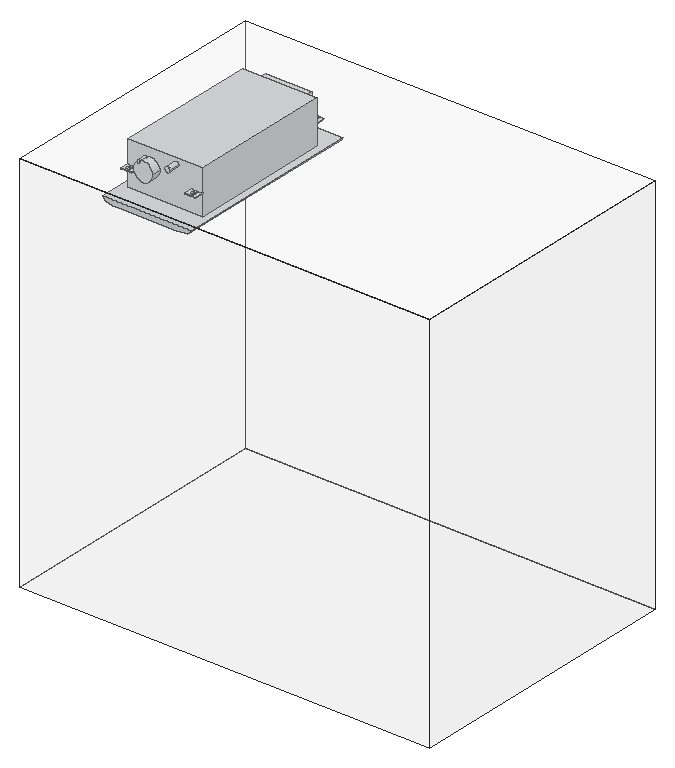
Revit family "pmfy-p22_45bmg9_60hz", category 機械設備, Revit 2019
Family settings
  丸型コネクタ寸法 = 直径を使用
  パーツ タイプ = 標準
  OmniClass 番号 = 23.75.10.24.21.27.27
  OmniClass タイトル = Split System Air Conditioning Units
  作業面ベース = いいえ
  常に垂直 = はい
  ロード時にボイドで切り取り = いいえ
  共有 = いいえ
  部屋計算ポイント = はい
Parameters (values of type "天井1方向_PMFY-P22BMG9")
  風量_静 (m3/min) = 6.5
  風量_強 (m3/min) = 8.7
  風量_弱 (m3/min) = 7.2
  風量_中 (m3/min) = 8
  風量 = MAX風量  # 522.0 m³/h
  音響パワーレベル（静）(dB) = 43
  音響パワーレベル（強）(dB) = 50
  音響パワーレベル（弱）(dB) = 45
  音響パワーレベル（中）(dB) = 48
  電源種別 = ""
  電源_H = 0 mm
  電圧 = 200 V
  電動機出力_送風機 = 0.028 kW
  運転質量 = 0.00 kg
  連動 = ""
  質量 = if(製品質量 > 運転質量, 製品質量, 運転質量) * 1.2  # 20.40 kg
  負荷分類 = 3_ファン類
  構成品番 = "PMFY-P22BMG9"
  冷媒液管位置-Z = 96 mm
  冷媒液管位置-Y = 43 mm
  冷媒液管位置-X = 254 mm
  冷媒ガス管位置-Z = 176 mm
  冷媒ガス管位置-Y = 46 mm
  冷媒ガス管位置-X = 302 mm
  ドレン管径 (外径) = 26.00 mm
  ドレン管位置-Z = 198 mm
  ドレン管位置-Y = 56 mm
  ドレン管位置-X = 141 mm
  サービススペース = yes
  【値が 0 の項目は組合せ形名にてご確認ください】 = ""
  URL = "https://www.mitsubishielectric.co.jp/ldg/wink/ssl/displayProduct.do?pid=321233"
  Panel Width = 1000 mm
  Panel Height = 30 mm
  Panel Depth = 470 mm
  MIN２風量 = [風量_静 (m3/min)] * 60.0 m³/h  # 390.0 m³/h
  MIN風量 = [風量_弱 (m3/min)] * 60.0 m³/h  # 432.0 m³/h
  MID風量 = [風量_中 (m3/min)] * 60.0 m³/h  # 480.0 m³/h
  MAX風量 = [風量_強 (m3/min)] * 60.0 m³/h  # 522.0 m³/h
  説明 = "ビル用マルチエアコン 室内ユニット 1方向天井カセット形"
  設計暖房能力 = 0.00 kW
  設計冷房能力_顕熱 = 0.00 kW
  設計冷房能力 = 0.00 kW
  設置方法 = "カセット形"
  記号 = ""
  製造元 = "三菱電機株式会社"
  製品質量 = 17.00 kg
  製品出荷対象 = "国内"
  製品リリース年月 = "2022/9/15"
  製品グループ = ""
  系統 = ""
  符号 = "ACP-CK1"
  積算_科目 = "1 空気調和設備"
  積算_拾い区分 [instance] = ""
  相 = 1
  盤記号 = ""
  発停方法 = "付属スイッチ"
  特殊仕様 = ""
  火災停止 = ""
  消費電力_暖房 = 0.035 kW
  消費電力_冷房 = 0.035 kW
  消費電力 = if(消費電力_冷房 > 消費電力_暖房, 消費電力_冷房, 消費電力_暖房)  # 0.035 kW
  法定耐用年数 = "6"
  極数 = 1
  材質 = ""
  本体マテリアル = none
  有効加湿量 = 0
  暖房能力 = 2.50 kW
  推奨ブレーカー容量 = 15 A
  形式_加湿器 = ""
  形式 = "1方向天井カセット形"
  幹線記号 = ""
  始動方式 = "直入"
  呼称 = "パッケージ形空気調和機_室内機"
  周波数 = 60 Hz
  吊り位置Y = 811 mm
  吊り位置X = 340 mm
  吊りボルト_H = 110 mm
  台数_手元リモコン = ""
  台数_冷媒分岐ユニット = ""
  参照している仕様書等のバージョン = "公共建築工事標準仕様書（機械設備工事編）平成31年度版"
  加湿給水管径 = 0.00 mm
  分類コード = "50053003221010"
  分類グループ = ""
  冷房能力 = 2.20 kW
  冷媒高低圧ガス管径 = 0.00 mm
  冷媒管径符号 = "Ac"
  冷媒管径 = 100.00 mm
  冷媒液管径 = 6.35 mm
  冷媒ガス管径 = 12.70 mm
  企業コード = "108420"
  付属品_フィルター = ""
  付属品 = ""
  仕様書バージョン = "Version1.0"
  Model = ""
  パネルマテリアル = none
  ドレン管径 = 20.00 mm
  コメント [instance] = ""
  ケーブル種類 = ""
  ケーブルサイズ = 1.6 mm
  Width = 812 mm
  Version = ""
  Uniclass2015Version = "Systems v1.9"
  Uniclass2015Title = "Split coil remote air cooled condensing units"
  Uniclass2015Code = "Pr_70_65_03_84"
  SpecificationReference = ""
  SpecificationDescription = ""
  Revision = ""
  ProductInformation = ""
  OmniClassCode = "23-33 17 13 11"
  IfcTypeProduct = ""
  IfcProduct = ""
  IfcExportType = "AIRCONDITIONINGUNIT"
  IfcExportAs = "IfcUnitaryEquipmentType"
  Height = 230 mm
  Depth = 395 mm
  価格 = 0
  Clearance Top = 235 mm
  Clearance Right = 1500 mm
  Clearance Left = 200 mm
  Clearance Front = 300 mm
  Clearance Bottom = 1800 mm
  Clearance Back = 200 mm
  Author = "三菱電機株式会社"
Types (4, lengths in mm): name | 風量_静 (m3/min) | 風量_強 (m3/min) | 風量_弱 (m3/min) | 風量_中 (m3/min) | 風量 | 音響パワーレベル（静）(dB) | 音響パワーレベル（強）(dB) | 音響パワーレベル（弱）(dB) | 音響パワーレベル（中）(dB) | 構成品番 | URL | MIN２風量 | MIN風量 | MID風量 | MAX風量 | 消費電力_暖房 | 消費電力_冷房 | 消費電力 | 暖房能力 | 冷房能力
  天井1方向_PMFY-P22BMG9 | 6.5 | 8.7 | 7.2 | 8 | 522.0 m³/h | 43 | 50 | 45 | 48 | "PMFY-P22BMG9" | "https://www.mitsubishielectric.co.jp/ldg/wink/ssl/displayProduct.do?pid=321233" | 390.0 m³/h | 432.0 m³/h | 480.0 m³/h | 522.0 m³/h | 0.035 kW | 0.035 kW | 0.035 kW | 2.50 kW | 2.20 kW
  天井1方向_PMFY-P28BMG9 | 7.3 | 9.3 | 8 | 8.6 | 558.0 m³/h | 47 | 52 | 48 | 50 | "PMFY-P28BMG9" | "https://www.mitsubishielectric.co.jp/ldg/wink/ssl/displayProduct.do?pid=321234" | 438.0 m³/h | 480.0 m³/h | 516.0 m³/h | 558.0 m³/h | 0.037 kW | 0.037 kW | 0.037 kW | 3.20 kW | 2.80 kW
  天井1方向_PMFY-P36BMG9 | 7.3 | 9.3 | 8 | 8.6 | 558.0 m³/h | 47 | 52 | 48 | 50 | "PMFY-P36BMG9" | "https://www.mitsubishielectric.co.jp/ldg/wink/ssl/displayProduct.do?pid=321235" | 438.0 m³/h | 480.0 m³/h | 516.0 m³/h | 558.0 m³/h | 0.037 kW | 0.037 kW | 0.037 kW | 4.00 kW | 3.60 kW
  天井1方向_PMFY-P45BMG9 | 7.7 | 10.7 | 8.7 | 9.7 | 642.0 m³/h | 49 | 55 | 51 | 53 | "PMFY-P45BMG9" | "https://www.mitsubishielectric.co.jp/ldg/wink/ssl/displayProduct.do?pid=321236" | 462.0 m³/h | 522.0 m³/h | 582.0 m³/h | 642.0 m³/h | 0.045 kW | 0.045 kW | 0.045 kW | 5.00 kW | 4.50 kW
Reference planes
  plane 1 "中心(正面/背面)": y = 0
  plane 2: z = 0
  plane 3 "中心(左/右)": x = 0
  plane 4: x = -197.5
  plane 5: x = 197.5
  plane 6: z = 230
  plane 7: y = -379.5
  plane 8: y = 500
  plane 9: y = -500
  plane 10: y = 405.5
  plane 11: y = -405.5
  plane 12: x = -170
  plane 13: x = 170
  plane 14: y = 300
  plane 15: z = 110
  plane 16: y = 700
  plane 17: y = -800
  plane 18: x = 235
  plane 19: x = -235
  plane 20: x = 1735
  plane 21: x = -435
  plane 22: z = -1800
  plane 23: z = 235
  plane 24: z = -30
  plane 25: y = 432.5
  plane 26: x = 56.5
  plane 27: x = -56.5
  plane 28: x = -104.5
  plane 29: y = -422.5
  plane 30: y = -435.5
  plane 31: y = -425.5
  plane 32: z = 198
  plane 33: z = 176
  plane 34: z = 96
  plane 35: z = 150
  plane 36: x = 73.5
Dimensions and locks
  equal spacing: plane 4, plane 3 "中心(左/右)", plane 5
  "Depth": plane 4 to plane 5
  "Height": plane 6 to level
  equal spacing: plane 8, plane 1 "中心(正面/背面)", plane 9
  "Panel Width": plane 8 to plane 9
  equal spacing: plane 11, plane 1 "中心(正面/背面)", plane 10
  "吊り位置Y": plane 11 to plane 10
  equal spacing: plane 12, plane 3 "中心(左/右)", plane 13
  "吊り位置X": plane 12 to plane 13
  "Clearance Back": plane 16 to plane 8
  "Clearance Front": plane 9 to plane 17
  equal spacing: plane 19, plane 3 "中心(左/右)", plane 18
  "Panel Depth": plane 19 to plane 18
  "Clearance Left": plane 21 to plane 19
  "Clearance Bottom": level to plane 22
  "Clearance Top": plane 23 to level
  "Panel Height": level to plane 24
  "Width": plane 7 to plane 25
  "ドレン管位置-X": plane 26 to plane 5
  "冷媒液管位置-X": plane 27 to plane 5
  "冷媒ガス管位置-X": plane 28 to plane 5
  "冷媒液管位置-Y": plane 29 to plane 7
  "ドレン管位置-Y": plane 30 to plane 7
  "冷媒ガス管位置-Y": plane 7 to plane 31
  "ドレン管位置-Z": plane 32 to plane 2
  "冷媒ガス管位置-Z": plane 33 to plane 2
  "冷媒液管位置-Z": plane 34 to plane 2
  "Clearance Right": plane 18 to plane 20
  aligned and locked: level to plane 2
  aligned and locked: nested 2 to plane 12
  aligned and locked: plane 13 to nested 2
  aligned and locked: plane 10 to nested 2
  aligned and locked: plane 11 to nested 2  (x2)
  aligned and locked: nested 2 to plane 10
  aligned and locked: nested 2 to plane 13
  aligned and locked: plane 12 to nested 2
  aligned and locked: nested 3 to plane 16
  aligned and locked: plane 17 to nested 3
  aligned and locked: plane 20 to nested 3
  aligned and locked: nested 3 to plane 21
  aligned and locked: plane 23 to nested 3
  aligned and locked: plane 22 to nested 3
Nested families
  nested 1: "PMFY-P○○BMG7" at (0, 0, 0), type "PMFY-P○○BMG7"
    with ユニット表示 yes
  nested 2: "固定点" at (-170, -405.5, 110), type "固定点"
    with W 340 mm, D 811 mm
  nested 3: "サービススペース" at (650, -50, -782.5), visible <- "サービススペース", type "サービススペース"
    with Width 2170 mm, Height 2035 mm, Depth 1500 mm
Connectors
  electrical at (73.5, 431.602, 150), driven by "極数", driven by "負荷分類", driven by "電圧", driven by "消費電力"
    settings: on nested 1, index 1, voltage 200 V, apparent load 35 VA, apparent load phase1 0 VA, apparent load phase2 0 VA, apparent load phase3 0 VA, power factor 1, load classification "3_ファン類", number of poles 1, system type 30, power factor state 1, is connector primary yes, connector utility no, sub classification motor no, connector description ""
  piping at (-80.5, -425.5, 136), diameter 100, driven by "冷媒管径", driven by "冷媒管径符号"
    settings: on nested 1, index 2, connector inside diameter 609.60 mm, connector length 0 mm, flow factor 0, pipe flow 0.0 L/s, pressure drop 0.0 Pa, fitting loss kfactor 0, connector angle 0.00°, fixture units 0, engagement length 0 mm, angle of deflection 0.00°, flow configuration 1, flow direction 1, fitting loss method 4, system type 7, joint type 0, gender type 0, connector reference index -1, connector utility 0, adjustable connector no, is connector primary yes, connector description "Ac"
  piping at (56.5, -435.5, 198), diameter 26, driven by "ドレン管径 (外径)"
    settings: on nested 1, index 3, connector inside diameter 609.60 mm, connector length 0 mm, flow factor 0, pipe flow 0.0 L/s, pressure drop 0.0 Pa, fitting loss kfactor 0, connector angle 0.00°, fixture units 0, engagement length 0 mm, angle of deflection 0.00°, flow configuration 1, flow direction 2, fitting loss method 4, system type 16, joint type 0, gender type 0, connector reference index -1, connector utility 0, adjustable connector no, is connector primary no, connector description ""
Definition of nested family "PMFY-P○○BMG7"
  Parameters (values of type "PMFY-P○○BMG7")
    配線取出口サイズ = 30 mm
    電線用ノックアウト穴Z = 150 mm
    電線用ノックアウト穴X = 124 mm
    液配管サイズ = 6.35 mm
    冷媒ガス管位置-Z = 176 mm
    パネル外形-X = 470 mm
    パネル外形-Y = 幅さ + 188 mm  # 1000 mm
    高さ = 230 mm
    奥行き = 395 mm
    吊りボルト_H = 110 mm
    冷媒配管 = 100 mm
    冷媒液管位置-Z = 96 mm
    冷媒液管位置-Y = 43 mm
    冷媒液管位置-X = 254 mm
    冷媒ガス管位置-Y = 46 mm
    冷媒ガス管位置-X = 302 mm
    ユニット表示 [instance] = yes
    ボルトピッチ = 340 mm
    ドレン配管サイズ = 20 mm
    ドレン管位置-Z = 198 mm
    ドレン管位置-Y = 56 mm
    ドレン管位置-X = 141 mm
    ドレン管径 (外径) = 26 mm
    ガス配管サイズ = 12.7 mm
    D = 811 mm
    幅さ = 812 mm
  Reference planes
    plane 1 "中心(正面/背面)": y = 0
    plane 2: z = 0
    plane 3 "中心(左/右)": x = 0
    plane 4: y = 500
    plane 5: y = 379.5
    plane 6: y = -500
    plane 7: x = -235
    plane 8: x = 235
    plane 9: x = -197.5
    plane 10: x = 197.5
    plane 11: y = 432.5
    plane 12: y = -379.5
    plane 13: z = 230
    plane 14: y = 405.5
    plane 15: y = -405.5
    plane 16: x = -170
    plane 17: x = 170
    plane 18: z = 110
    plane 19: z = 111
    plane 20: z = 109
    plane 21: y = -435.5
    plane 22: x = 56.5
    plane 23: z = 198
    plane 24: x = -104.5
    plane 25: x = -56.5
    plane 26: y = -422.5
    plane 27: y = -425.5
    plane 28: z = 176
    plane 29: z = 96
    plane 30: x = 73.5
    plane 31: z = 150
    plane 32: y = 425.5
  Forms (mm)
    Extrusion 1, void
      sketch origin (0, 0, -30) x (0, -1, 0) y (1, 0, 0)
        loop
          line (-500, 195) -> (-290, 195) -> (-290, 125)
          arc (-290, 125) -> (-287.071, 117.929) -> (-280, 115) r 10
          line (-280, 115) -> (280, 115)
          arc (280, 115) -> (287.071, 117.929) -> (290, 125) r 10
          line (290, 125) -> (290, 195) -> (497.5, 195) -> (500, 197.5) -> (-500, 197.5) -> (-500, 195)
      from 0 to 8
    Extrusion 2, solid, visible <- "ユニット表示", detail levels fine
      sketch origin (0, 0, -30) x (0, -1, 0) y (1, 0, 0)
        loop
          line (-280, 129.824) -> (280, 129.824) -> (280, 189.824) -> (-280, 189.824) -> (-280, 129.824)
      from 0 to 8
    Extrusion 3, solid, visible <- "ユニット表示", detail levels fine
      sketch origin (0, 0, 0) x (1, 0, 0) y (0, 1, 0)
        loop
          line (-197.5, 379.5) -> (-197.5, -379.5) -> (197.5, -379.5) -> (197.5, 379.5) -> (-197.5, 379.5)
      from 0 to 230
    Extrusion 4, solid, visible <- "ユニット表示", detail levels fine
      sketch origin (0, 0, 0) x (1, 0, 0) y (0, 0, 1)
        loop
          circle (-80.5, 136) r 50
      from 379.5 to 425.5
    Extrusion 5, solid, visible <- "ユニット表示", detail levels fine
      sketch origin (0, 0, 0) x (1, 0, 0) y (0, 0, 1)
        loop
          circle (-104.5, 176) r 6.35
      from 425.5 to 379.5
    Extrusion 6, solid, visible <- "ユニット表示", detail levels fine
      sketch origin (0, 0, 0) x (1, 0, 0) y (0, 0, 1)
        loop
          circle (-56.5, 96) r 3.175
      from 422.5 to 379.5
    Extrusion 7, solid, visible <- "ユニット表示", detail levels fine
      sketch origin (0, 0, 0) x (1, 0, 0) y (0, 0, 1)
        loop
          circle (73.5, 150) r 15
      from -432.5 to -431.602
    Extrusion 8, solid, visible <- "ユニット表示", detail levels fine
      sketch origin (0, 0, 0) x (1, 0, 0) y (0, 0, 1)
        loop
          circle (56.5, 198) r 13
      from 379.5 to 435.5
    Extrusion 9, solid, visible <- "ユニット表示", detail levels fine
      sketch origin (0, 0, 0) x (1, 0, 0) y (0, 1, 0)
        loop
          line (-142, -425.5) -> (-142, -379.5) -> (-198, -379.5) -> (-198, -425.5) -> (-174, -425.5) -> (-174, -415.5)
          arc (-174, -415.5) -> (-183.963, -405.481) -> (-173.963, -395.5) r 10
          line (-173.963, -395.5) -> (-166.009, -395.5)
          arc (-166.009, -395.5) -> (-156.009, -405.496) -> (-166, -415.5) r 10
          line (-166, -415.5) -> (-166, -425.5) -> (-142, -425.5)
        loop
          line (142, -379.5) -> (142, -425.5) -> (166, -425.5) -> (166, -415.5)
          arc (166, -415.5) -> (156.009, -405.496) -> (166.009, -395.5) r 10
          line (166.009, -395.5) -> (173.963, -395.5)
          arc (173.963, -395.5) -> (183.963, -405.481) -> (174, -415.5) r 10
          line (174, -415.5) -> (174, -425.5) -> (198, -425.5) -> (198, -379.5) -> (142, -379.5)
        loop
          line (-142, 379.5) -> (-142, 425.5) -> (-166, 425.5) -> (-166, 415.5)
          arc (-166, 415.5) -> (-156.009, 405.496) -> (-166.009, 395.5) r 10
          line (-166.009, 395.5) -> (-173.963, 395.5)
          arc (-173.963, 395.5) -> (-183.963, 405.481) -> (-174, 415.5) r 10
          line (-174, 415.5) -> (-174, 425.5) -> (-198, 425.5) -> (-198, 379.5) -> (-142, 379.5)
        loop
          line (142, 425.5) -> (142, 379.5) -> (198, 379.5) -> (198, 425.5) -> (174, 425.5) -> (174, 415.5)
          arc (174, 415.5) -> (183.963, 405.481) -> (173.963, 395.5) r 10
          line (173.963, 395.5) -> (166.009, 395.5)
          arc (166.009, 395.5) -> (156.009, 405.496) -> (166, 415.5) r 10
          line (166, 415.5) -> (166, 425.5) -> (142, 425.5)
      from 109 to 111
    Extrusion 10, solid, visible <- "ユニット表示", detail levels fine
      sketch origin (0, 0, 0) x (1, 0, 0) y (0, 0, 1)
        loop
          line (-149.931, -30) -> (158.916, -30)
          arc (158.916, -30) -> (178.298, -28.765) -> (197.5, -25.851) r 223.291
          arc (197.5, -25.851) -> (205.218, -24.191) -> (212.873, -22.259) r 223.291
          arc (212.873, -22.259) -> (224.339, -16.257) -> (232.21, -5.984) r 30
          line (232.21, -5.984) -> (235, 0) -> (-235, 0) -> (-232.21, -5.984)
          arc (-232.21, -5.984) -> (-224.339, -16.257) -> (-212.873, -22.259) r 30
          arc (-212.873, -22.259) -> (-181.678, -28.376) -> (-149.931, -30) r 223.291
      from -500 to 500
    Extrusion 11, solid, visible <- "ユニット表示", detail levels fine
      sketch origin (0, 0, 0) x (1, 0, 0) y (0, 0, 1)
        loop
          line (-118.5, 210) -> (-118.5, 0) -> (128.5, 0) -> (128.5, 210) -> (-118.5, 210)
      from -432.5 to -379.5
  Cuts and joins
    Extrusion 1 cuts Extrusion 10
  Lines and regions (mm)
    model lines, visible <- "ユニット表示", detail levels fine
      curve 1: line (115, -280, -30) -> (115, 0, -30)
      curve 2: line (95, -500, -30) -> (95, 500, -30)
      curve 3: line (80, 500, -30) -> (80, -500, -30)
      curve 4: line (65, 500, -30) -> (65, -500, -30)
      curve 5: line (50, 500, -30) -> (50, -500, -30)
      curve 6: line (35, 500, -30) -> (35, -500, -30)
      curve 7: line (20, 500, -30) -> (20, -500, -30)
      curve 8: line (-134.931, -500, -30) -> (-134.931, 500, -30)
      curve 9: line (-119.931, -500, -30) -> (-119.931, 500, -30)
      curve 10: line (-104.931, -500, -30) -> (-104.931, 500, -30)
      curve 11: line (-119.931, 500, -30) -> (-119.931, -500, -30)
      curve 12: line (-89.931, -500, -30) -> (-89.931, 500, -30)
      curve 13: line (-74.931, -500, -30) -> (-74.931, 500, -30)
    symbolic lines, detail levels coarse+medium
      curve 14: line (-235, 500, 0) -> (235, 500, 0)
      curve 15: line (-235, -500, 0) -> (-235, 500, 0)
      curve 16: line (235, -500, 0) -> (-235, -500, 0)
      curve 17: line (235, 500, 0) -> (235, -500, 0)
  Dimensions and locks
    equal spacing: plane 4, plane 1 "中心(正面/背面)", plane 6
    "パネル外形-Y": plane 4 to plane 6
    equal spacing: plane 9, plane 3 "中心(左/右)", plane 10
    "奥行き": plane 9 to plane 10
    "パネル外形-X": plane 7 to plane 8
    "幅さ": plane 11 to plane 12
    "高さ": plane 13 to level
    equal spacing: plane 14, plane 1 "中心(正面/背面)", plane 15
    "D": plane 14 to plane 15
    "吊りボルト_H": level to plane 18
    plane 20 to plane 19 = 2 mm
    plane 14 to plane 5 = 26 mm
    plane 12 to plane 15 = 26 mm
    equal spacing: plane 16, plane 3 "中心(左/右)", plane 17
    "ボルトピッチ": plane 16 to plane 17
    "ドレン管位置-Y": plane 12 to plane 21
    "ドレン管位置-X": plane 22 to plane 10
    "ドレン管位置-Z": plane 23 to level
    "冷媒ガス管位置-X": plane 24 to plane 10
    "冷媒液管位置-X": plane 25 to plane 10
    "冷媒ガス管位置-Y": plane 12 to plane 27
    "冷媒液管位置-Y": plane 12 to plane 26
    "冷媒ガス管位置-Z": plane 28 to level
    plane 19 to plane 20 = 2 mm
    "電線用ノックアウト穴Z": level to plane 31
    "冷媒液管位置-Z": plane 29 to level
    "電線用ノックアウト穴X": plane 30 to plane 10
    plane 5 to plane 12 = 759 mm
    plane 32 to plane 14 = 20 mm
    plane 15 to plane 27 = 20 mm
    aligned and locked: level to plane 2
    aligned and locked: curve 17 to plane 8
    aligned and locked: plane 7 to curve 15
    aligned and locked: plane 13 to Extrusion 3
    aligned and locked: Extrusion 3 to plane 9
    aligned and locked: Extrusion 3 to plane 10
  Automatic sketch dimensions
    curve 8 to curve 9 = 15 mm
    curve 11 to curve 9 = 0 mm
    curve 9 to curve 10 = 15 mm
    curve 10 to curve 12 = 15 mm
    curve 12 to curve 13 = 15 mm
    curve 13 to curve 7 = 94.931 mm
    curve 7 to curve 6 = 15 mm
    curve 6 to curve 5 = 15 mm
    curve 5 to curve 4 = 15 mm
    curve 4 to curve 3 = 15 mm
    curve 3 to curve 2 = 15 mm
    Extrusion 1 sketch curve to plane 4 = 0 mm
    Extrusion 1 sketch curve to plane 6 = 0 mm
    Extrusion 1 sketch curve to plane 5 = 89.5 mm
    Extrusion 1 sketch curve to Extrusion 1 sketch curve = 10 mm  (x2)
    plane 6 to Extrusion 1 sketch curve = 2.5 mm
    plane 3 "中心(左/右)" to Extrusion 1 sketch curve = 115 mm
    Extrusion 1 sketch curve to Extrusion 1 sketch curve = 70 mm  (x2)
    Extrusion 1 sketch curve to Extrusion 1 sketch curve = 2.5 mm
    Extrusion 2 sketch curve to plane 5 = 99.5 mm
    plane 3 "中心(左/右)" to Extrusion 2 sketch curve = 129.824 mm
    Extrusion 2 sketch curve to Extrusion 2 sketch curve = 60 mm
    plane 6 to Extrusion 1 sketch curve = 220 mm
    plane 6 to Extrusion 2 sketch curve = 220 mm
    curve 16 to plane 6 = 0 mm
    curve 15 to plane 4 = 0 mm
    Extrusion 3 sketch curve to plane 9 = 0 mm
    Extrusion 3 sketch curve to plane 12 = 0 mm
    Extrusion 3 sketch curve to plane 5 = 0 mm
    Extrusion 3 sketch curve to plane 17 = 27.5 mm
    Extrusion 4 sketch curve to plane 24 = 24 mm
    Extrusion 4 sketch curve to plane 31 = 14 mm
    plane 24 to Extrusion 5 sketch curve = 0 mm
    Extrusion 5 sketch curve to plane 28 = 0 mm
    plane 25 to Extrusion 6 sketch curve = 0 mm
    Extrusion 6 sketch curve to plane 29 = 0 mm
    plane 30 to Extrusion 7 sketch curve = 0 mm
    Extrusion 7 sketch curve to plane 31 = 0 mm
    plane 22 to Extrusion 8 sketch curve = 0 mm
    Extrusion 8 sketch curve to plane 23 = 0 mm
    Extrusion 9 sketch curve to plane 27 = 0 mm  (x4)
    Extrusion 9 sketch curve to plane 12 = 0 mm  (x2)
    Extrusion 9 sketch curve to plane 15 = 0 mm  (x4)
    Extrusion 9 sketch curve to plane 9 = 0.5 mm  (x2)
    Extrusion 9 sketch curve to plane 16 = 4 mm  (x2)
    Extrusion 9 sketch curve to plane 16 = 3.963 mm  (x2)
    plane 16 to Extrusion 9 sketch curve = 3.991 mm  (x2)
    plane 16 to Extrusion 9 sketch curve = 4 mm  (x2)
    plane 16 to Extrusion 9 sketch curve = 28 mm  (x2)
    plane 26 to Extrusion 9 sketch curve = 7 mm  (x2)
    plane 17 to Extrusion 9 sketch curve = 28 mm  (x2)
    plane 17 to Extrusion 9 sketch curve = 4 mm  (x2)
    plane 17 to Extrusion 9 sketch curve = 3.991 mm  (x2)
    Extrusion 9 sketch curve to plane 17 = 3.963 mm  (x2)
    Extrusion 9 sketch curve to plane 17 = 4 mm  (x2)
    Extrusion 9 sketch curve to plane 10 = 0.5 mm  (x2)
    Extrusion 9 sketch curve to plane 32 = 0 mm  (x4)
    Extrusion 9 sketch curve to plane 5 = 0 mm  (x2)
    Extrusion 9 sketch curve to plane 14 = 0 mm  (x4)
    Extrusion 9 sketch curve to plane 14 = 10 mm  (x2)
    Extrusion 10 sketch curve to Extrusion 10 sketch curve = 0 mm  (x2)
    Extrusion 10 sketch curve to level = 0 mm
    Extrusion 10 sketch curve to plane 7 = 0 mm
    plane 10 to Extrusion 10 sketch curve = 0 mm
    Extrusion 10 sketch curve to plane 8 = 0 mm
    plane 7 to Extrusion 10 sketch curve = 2.79 mm
    Extrusion 10 sketch curve to plane 9 = 7.52 mm
    Extrusion 10 sketch curve to plane 23 = 4.754 mm  (x2)
    plane 16 to Extrusion 10 sketch curve = 15.576 mm
    plane 16 to Extrusion 10 sketch curve = 20.069 mm
    plane 17 to Extrusion 10 sketch curve = 15.576 mm
    plane 17 to Extrusion 10 sketch curve = 11.084 mm
    Extrusion 10 sketch curve to plane 10 = 7.52 mm
    Extrusion 10 sketch curve to plane 8 = 2.79 mm
    Extrusion 10 sketch curve to level = 5.984 mm  (x2)
    Extrusion 10 sketch curve to level = 30 mm
    level to Extrusion 10 sketch curve = 6.695 mm  (x2)
    curve 13 to plane 4 = 0 mm
    curve 8 to plane 4 = 0 mm
    curve 12 to plane 4 = 0 mm
    curve 2 to plane 4 = 0 mm
    curve 3 to plane 4 = 0 mm
    curve 11 to plane 4 = 0 mm
    curve 4 to plane 4 = 0 mm
    curve 10 to plane 4 = 0 mm
    curve 5 to plane 4 = 0 mm
    curve 9 to plane 4 = 0 mm
    curve 6 to plane 4 = 0 mm
    curve 7 to plane 4 = 0 mm
    plane 1 "中心(正面/背面)" to curve 1 = 0 mm
    curve 8 to plane 6 = 0 mm
    curve 6 to plane 6 = 0 mm
    curve 9 to plane 6 = 0 mm
    curve 5 to plane 6 = 0 mm
    curve 10 to plane 6 = 0 mm
    curve 4 to plane 6 = 0 mm
    curve 3 to plane 6 = 0 mm
    curve 11 to plane 6 = 0 mm
    curve 12 to plane 6 = 0 mm
    curve 2 to plane 6 = 0 mm
    curve 13 to plane 6 = 0 mm
    curve 7 to plane 6 = 0 mm
    plane 24 to curve 8 = 30.431 mm
    curve 1 to plane 30 = 41.5 mm
    plane 12 to curve 1 = 99.5 mm
    Extrusion 11 sketch curve to level = 0 mm
    plane 24 to Extrusion 11 sketch curve = 14 mm
    plane 17 to Extrusion 11 sketch curve = 41.5 mm
    plane 23 to Extrusion 11 sketch curve = 12 mm
    radius of Extrusion 4 sketch curve = 50 mm
    radius of Extrusion 5 sketch curve = 6.35 mm
    radius of Extrusion 6 sketch curve = 3.175 mm
    radius of Extrusion 7 sketch curve = 15 mm
    radius of Extrusion 8 sketch curve = 13 mm
Definition of nested family "サービススペース"
  Parameters
    Width [instance] = 500 mm
    Height [instance] = 500 mm
    Depth [instance] = 500 mm
  Reference planes
    plane 1 "中心(正面/背面)": y = 0
    plane 2: z = 0
    plane 3 "中心(左/右)": x = 0
    plane 4: y = -250
    plane 5: x = 250
    plane 6: y = 250
    plane 7: x = -250
    plane 8: z = 250
    plane 9: z = -250
  Forms (mm)
    Extrusion 1, solid
      sketch origin (-638.939, 0, 72.39) x (1, 0, 0) y (0, 1, 0)
        loop
          line (388.939, 250) -> (388.939, -250) -> (888.939, -250) -> (888.939, 250) -> (388.939, 250)
      from -322.39 to 177.61
  Lines and regions (mm)
    symbolic lines
      curve 1: line (-250, 0, 250) -> (250, 0, 250)
      curve 2: line (-250, 0, -250) -> (-250, 0, 250)
      curve 3: line (250, 0, -250) -> (-250, 0, -250)
      curve 4: line (250, 0, 250) -> (250, 0, -250)
      curve 5: line (0, -250, 250) -> (0, 250, 250)
      curve 6: line (0, -250, -250) -> (0, -250, 250)
      curve 7: line (0, 250, -250) -> (0, -250, -250)
      curve 8: line (0, 250, 250) -> (0, 250, -250)
      curve 9: line (-250, 250, 0) -> (250, 250, 0)
      curve 10: line (-250, -250, 0) -> (-250, 250, 0)
      curve 11: line (250, -250, 0) -> (-250, -250, 0)
      curve 12: line (250, 250, 0) -> (250, -250, 0)
  Dimensions and locks
    equal spacing: plane 7, plane 3 "中心(左/右)", plane 5
    equal spacing: plane 4, plane 1 "中心(正面/背面)", plane 6
    "Depth": plane 4 to plane 6
    "Width": plane 7 to plane 5
    equal spacing: plane 8, plane 2, plane 9
    "Height": plane 8 to plane 9
    aligned and locked: plane 9 to curve 3
    aligned and locked: plane 7 to curve 2
    aligned and locked: curve 4 to plane 5
    aligned and locked: plane 5 to Extrusion 1
    aligned and locked: Extrusion 1 to plane 7
    aligned and locked: Extrusion 1 to plane 9
    aligned and locked: plane 8 to Extrusion 1
    aligned and locked: plane 9 to curve 7
  Automatic sketch dimensions
    plane 4 to Extrusion 1 sketch curve = 0 mm
    Extrusion 1 sketch curve to plane 7 = 0 mm
    Extrusion 1 sketch curve to plane 5 = 0 mm
    plane 6 to Extrusion 1 sketch curve = 0 mm
    curve 2 to plane 8 = 0 mm
    plane 4 to curve 11 = 0 mm
    curve 11 to plane 7 = 0 mm
    curve 11 to plane 5 = 0 mm
    plane 6 to curve 10 = 0 mm
    curve 7 to plane 4 = 0 mm
    curve 7 to plane 6 = 0 mm
    curve 6 to plane 8 = 0 mm
Definition of nested family "固定点"
  Parameters (values of type "固定点")
    中心円 = 20 mm
    W [instance] = 1000 mm
    D [instance] = 1000 mm
  Reference planes
    plane 1 "中心(正面/背面)": y = 0
    plane 2: z = 0
    plane 3 "中心(左/右)": x = 0
    plane 4: x = 1000
    plane 5: y = 1000
  Lines and regions (mm)
    symbolic lines, detail levels fine
      curve 1: line (-200, 1000, 0) -> (1200, 1000, 0)
      curve 2: line (-200, 0, 0) -> (1200, 0, 0)
      curve 3: line (0, 1200, 0) -> (0, -200, 0)
      curve 4: line (1000, 1200, 0) -> (1000, -200, 0)
    model lines, detail levels fine
      curve 5: circle (0, 1000, 0) r 10 normal (0, 0, 1)
      curve 6: circle (1000, 1000, 0) r 10 normal (0, 0, 1)
      curve 7: circle (1000, 0, 0) r 10 normal (0, 0, 1)
      curve 8: circle (0, 0, 0) r 10 normal (0, 0, 1)
  Dimensions and locks
    "W": plane 3 "中心(左/右)" to plane 4
    "D": plane 1 "中心(正面/背面)" to plane 5
    "中心円": diameter of curve 5
    "中心円": diameter of curve 8
    "中心円": diameter of curve 7
    "中心円": diameter of curve 6
    aligned and locked: level to plane 2
    aligned and locked: plane 1 "中心(正面/背面)" to curve 2
    aligned and locked: curve 3 to plane 3 "中心(左/右)"
    aligned and locked: curve 4 to plane 4
  Automatic sketch dimensions
    curve 1 to plane 5 = 0 mm
    curve 5 to plane 3 "中心(左/右)" = 0 mm
    plane 1 "中心(正面/背面)" to curve 8 = 0 mm
    curve 8 to plane 3 "中心(左/右)" = 0 mm
    plane 1 "中心(正面/背面)" to curve 7 = 0 mm
    curve 7 to plane 4 = 0 mm
    curve 6 to plane 4 = 0 mm
    curve 5 to plane 5 = 0 mm
    curve 6 to plane 5 = 0 mm
    curve 1 to plane 3 "中心(左/右)" = 200 mm
    curve 2 to plane 3 "中心(左/右)" = 200 mm
    curve 6 to curve 1 = 200 mm
    curve 7 to curve 2 = 200 mm
    plane 1 "中心(正面/背面)" to curve 3 = 200 mm
    plane 1 "中心(正面/背面)" to curve 4 = 200 mm
    curve 6 to curve 4 = 200 mm
    curve 5 to curve 3 = 200 mm
